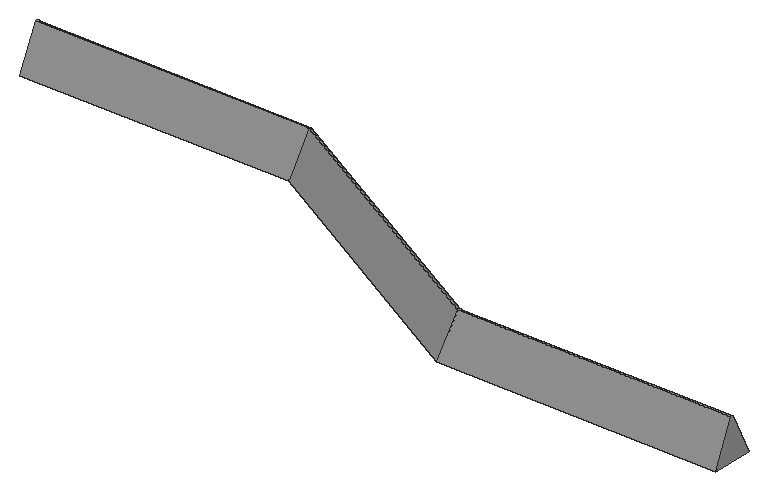
Revit family "Zig-Zag_StQ3+_40mm_p_i_t_1132105", category Generic Models, Revit 2019
Family settings
  Can host rebar = No
  Round Connector Dimension = Use Diameter
  Part Type = Normal
  Work Plane-Based = Yes
  Always vertical = No
  Cut with Voids When Loaded = No
  Shared = No
  Room Calculation Point = No
Parameters (values of type "40 mm")
  concrete = Concrete
  Website Link = "https://haucon.dk/produkt/beton-zig-zag-stq3/#variations"
  Total Length = 800 mm
  Technical Data Sheet = "https://haucon.dk/wp-content/uploads/2019/07/1132100-Beton-zig-zag-STQ3_1.0-TDS-DK.pdf"
  Default Elevation = 1219.2 mm
  Armerment width = 40 mm
  Armerment Height = Armerment width  # 40 mm
Types (6, lengths in mm): name | Armerment width | Armerment Height
  35 mm | 35 | 35
  55 mm | 55 | 55
  40 mm | 40 | 40
  45 mm | 45 | 45
  50 mm | 50 | 50
  60 mm | 60 | 60
Reference planes
  plane 1 "Center (Front/Back)": y = 0
  plane 2: z = 0
  plane 3 "Center (Left/Right)": x = 0
  plane 4: y = 20
  plane 5: y = -20
  plane 6: z = 40
  plane 7: x = 266.667
  plane 8: x = 533.333
  plane 9: x = 800
Forms (mm)
  Sweep 1, solid, material "Concrete" <- "concrete"
    path origin (135, 0, 0) x (1, 0, 0) y (0, 1, 0)
      loop
        line (-135, 0) -> (132.554, 0) -> (397.446, -149.776) -> (665, -149.776)
    profile origin (133.777, 0, 0) x (0, 1, 0) y (0, 0, 1)
      loop
        line (20, 0) -> (0.856, 39.544)
        arc (0.856, 39.544) -> (0, 39.98) -> (-0.856, 39.544) r 1.059
        line (-0.856, 39.544) -> (-20, 0) -> (20, 0)
Dimensions and locks
  equal spacing: plane 4, plane 1 "Center (Front/Back)", plane 5
  "Armerment width": plane 4 to plane 5
  "Armerment Height": level to plane 6
  "Total Length": plane 3 "Center (Left/Right)" to plane 9
  equal spacing: plane 3 "Center (Left/Right)", plane 7, plane 8, plane 9
  aligned and locked: level to plane 2
  aligned and locked: level to Sweep 1 sketch curve
  aligned and locked: plane 3 "Center (Left/Right)" to Sweep 1
  aligned and locked: plane 9 to Sweep 1 sketch curve
Automatic sketch dimensions
  plane 1 "Center (Front/Back)" to Sweep 1 sketch curve = 0 mm
  Sweep 1 sketch curve to plane 3 "Center (Left/Right)" = 0 mm
  Sweep 1 sketch curve to plane 7 = 0.887 mm
  plane 8 to Sweep 1 sketch curve = 0.887 mm
  plane 1 "Center (Front/Back)" to Sweep 1 sketch curve = 149.776 mm
  Sweep 1 sketch curve to plane 5 = 0 mm
  Sweep 1 sketch curve to profile plane = 0 mm
  Sweep 1 sketch curve to plane 4 = 0 mm
  plane 6 to Sweep 1 sketch curve = 0.456 mm  (x2)
  profile plane to Sweep 1 sketch curve = 0.856 mm
  Sweep 1 sketch curve to Sweep 1 sketch curve = 0.623 mm
